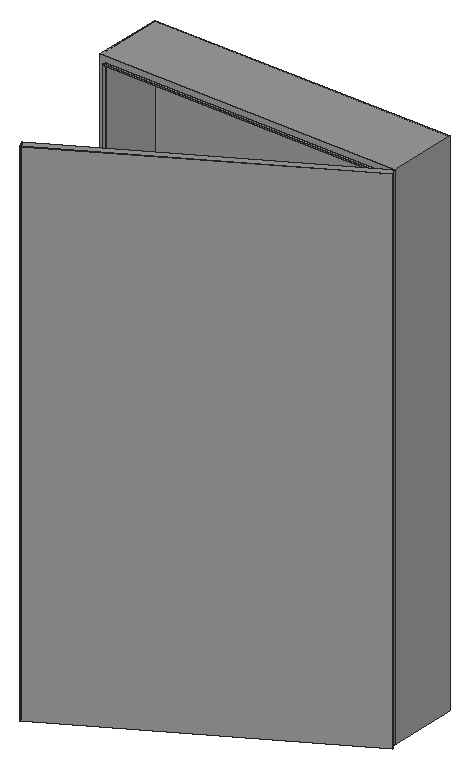
Revit family "Hager-Univers-IP54-D205-H1400-Cl.II-Encl-NoHosted-DE-de", category Equipement électrique, Revit 2020
Family settings
  Configuration du panneau = Deux colonnes, circuits au sein
  Cote de connecteur circulaire = Utiliser le diamètre
  Type d'élément = Tableau de raccordement
  Basée sur le plan de construction = Oui
  Toujours verticalement = Oui
  Couper avec des vides une fois chargée = Non
  Partagée = Non
  Point de calcul de pièce = Non
Parameters (values of type "Aufputz IP54 B800 H1400 T205  - FP93SW2")
  Width Control [instance] = if([EF000008 - Breite] > Min Width, [EF000008 - Breite], Min Width)  # 800 mm
  Commentaires du type = [HG000003 - Bereich]  # "Univers"
  Thickness Door [instance] = if([EF009171 - Materialstärke Tür/Deckel] > 3 mm, 3 mm, [EF009171 - Materialstärke Tür/Deckel])  # 1 mm
  Seal Frame Offset [instance] = 17 mm  # constant formula
  Plinth Visibility [instance] = [HG000027 - Sockelhöhe] > 0 mm  # no
  Min Width [instance] = 100 mm  # constant formula
  Min Depth [instance] = (2 * [EF009170 - Materialstärke Gehäuse]) + 1 mm  # 3 mm
  Min Height [instance] = 100 mm  # constant formula
  Internal Frame Depth [instance] = (Door System Depth * 0.5)  # 9 mm
  Panel Name [instance] = ""  # (empty or 0)
  Model = ""
  HG000027 - Sockelhöhe = 0 mm
  HG000026 - Stehend auf dem Boden = no
  HG000024 - Höhe des unteren Teils = 600 mm
  HG000023 - Gehäuse mit doppeltem Querschnitt = no
  HG000016 - 3D-Türsichtbarkeit [instance] = yes
  HG000015 - Sichtbarkeit der Türöffnung [instance] = no
  HG000014 - Tür rechts [instance] = yes
  HG000013 - Tür links [instance] = not([HG000014 - Tür rechts])  # no
  HG000012 - Türschwenkwinkel [instance] = 30.00°
  HG000010 - Asymmetrische Türen = no
  HG000009 - Doppelflügeligen Tür = no
  HG000006 - Unterputz = no
  HG000004 - Herstellerreferenz = "FP93SW2"
  HG000003 - Bereich = "Univers"
  HG000002 - Mit tür = yes
  Frame Offset Bottom [instance] = 10 mm  # constant formula
  Frame Offset [instance] = 15 mm  # constant formula
  EF015940 - Deckel mit Überdruckentlastung = no
  EF011959 - Schutzart (NEMA) = ""
  EF009554 - Anzahl der Öffnungen für Flanschplatten = 6
  EF009212 - Ausführung Deckel = "EV000116 - geschlossen"
  EF009171 - Materialstärke Tür/Deckel = 1 mm
  EF009170 - Materialstärke Gehäuse = 1 mm
  EF008873 - Nennstrom (In) = 250 A
  EF007800 - Geeignet für Blitzschutz = no
  EF006306 - Mit Schloss = no
  EF006244 - Transparenter Deckel/Tür = no
  EF005474 - Schutzart (IP) = "EV006419 - IP54"
  EF004464 - Art der Tür = "EV002646 - Einzel"
  EF004427 - Anzahl der Module = 324
  EF004293 - Schlagfestigkeit = "EV006815 - IK09"
  EF003532 - Geeignet für Außengebrauch = no
  EF002950 - Breite in Teilungseinheiten = 36
  EF001613 - Funktionserhalt = "EV000494 - ohne"
  EF001596 - Werkstoff des Gehäuses = "EV000179 - Stahl"
  EF001131 - Innentiefe = 130 mm
  EF001088 - Anbaumöglichkeit = yes
  EF000437 - Anzahl der Leitungseinführungen = 6
  EF000339 - Art der Abdeckung = "EV004216 - Tür"
  EF000266 - Anzahl der Reihen = 9
  EF000218 - Einbautiefe = 205 mm
  EF000118 - Mit Montageplatte = no
  EF000116 - RAL-Nummer = "9010"
  EF000049 - Tiefe = 205 mm
  EF000040 - Höhe = 1400 mm
  EF000008 - Breite = 800 mm
  EF000007 - Farbe = "EV000202 - weiß"
  EF000003 - Montageart = "EV000384 - Aufputz"
  Door System Leaf Tolerance [instance] = 1.5 mm  # constant formula
  Door System Depth [instance] = 18 mm  # constant formula
  Door Height [instance] = Height Control - [HG000027 - Sockelhöhe]  # 1400 mm
  Description = ""
  Default Elevation = 1219.2 mm
  Connector Offset [instance] = Height Control / 2  # 700 mm
  Fabricant = "Hager"  # constant formula
  Height Control [instance] = if([EF000040 - Höhe] > Min Height, [EF000040 - Höhe], Min Height)  # 1400 mm
  Depth Control [instance] = if([EF000049 - Tiefe] > Min Depth, [EF000049 - Tiefe], Min Depth)  # 205 mm
  Bottom Top Plate Trim [instance] = 1.5 mm  # constant formula
  Plinth height Ctrl [instance] = if([HG000027 - Sockelhöhe] > 0 mm, [HG000027 - Sockelhöhe], 12 mm)  # 12 mm
Types (5, lengths in mm): name | Width Control | HG000010 - Asymmetrische Türen | HG000009 - Doppelflügeligen Tür | HG000004 - Herstellerreferenz | EF009554 - Anzahl der Öffnungen für Flanschplatten | EF004464 - Art der Tür | EF004427 - Anzahl der Module | EF002950 - Breite in Teilungseinheiten | EF000437 - Anzahl der Leitungseinführungen | EF000008 - Breite
  Aufputz IP54 B1050 H1400 T205  - FP94SW2 | 1050 | no | yes | "FP94SW2" | 8 | "EV003602 - Doppel" | 432 | 48 | 8 | 1050
  Aufputz IP54 B1300 H1400 T205  - FP95SW2 | 1300 | yes | yes | "FP95SW2" | 10 | "EV003602 - Doppel" | 540 | 60 | 10 | 1300
  Aufputz IP54 B300 H1400 T205  - FP91SW2 | 300 | no | no | "FP91SW2" | 2 | "EV002646 - Einzel" | 108 | 12 | 2 | 300
  Aufputz IP54 B550 H1400 T205  - FP92SW2 | 550 | no | no | "FP92SW2" | 4 | "EV002646 - Einzel" | 216 | 24 | 4 | 550
  Aufputz IP54 B800 H1400 T205  - FP93SW2 | 800 | no | no | "FP93SW2" | 6 | "EV002646 - Einzel" | 324 | 36 | 6 | 800
Reference planes
  plane 1 "Center (Front/Back)": y = 0
  plane 2: z = 0
  plane 3 "Center (Left/Right)": x = 0
  plane 4: y = 0
  plane 5: y = 0
  plane 6: z = 0
  plane 7: x = -400
  plane 8: x = 400
  plane 9: x = 399
  plane 10: x = -399
  plane 11: z = 0
  plane 12: z = 1
  plane 13: y = -205
  plane 14: y = -1
  plane 15: x = 0
  plane 16: y = -187
  plane 17: y = -204
  plane 18: y = -186
  plane 19: x = -384
  plane 20: x = 384
  plane 21: z = 11
  plane 22: x = -383
  plane 23: x = 383
  plane 24: z = 0
  plane 25: z = 1400
  plane 26: z = 1400
  plane 27: z = 1384
  plane 28: z = 1399
Forms (mm)
  Extrusion 1, solid, material "Hager_Steel_RAL7035_Light_Grey", detail levels medium+fine
    sketch origin (-208.679, -4572, 0) x (-1, 0, 0) y (0, -1, 0)
      loop
        line (191.321, -4385) -> (-608.679, -4385) -> (-608.679, -4572) -> (191.321, -4572) -> (191.321, -4385)
    from 0 to 1400
  Extrusion 2, void
    sketch origin (-350.771, -205, 1219.2) x (1, 0, 0) y (0, 0, 1)
      loop
        line (-48.229, 179.8) -> (-48.229, -1218.2) -> (749.771, -1218.2) -> (749.771, 179.8) -> (-48.229, 179.8)
    from -19 to -204
  Extrusion 3, void
    sketch origin (-290.084, -187, 1219.2) x (1, 0, 0) y (0, 0, 1)
      loop
        line (-93.916, -1208.2) -> (674.084, -1208.2) -> (674.084, 164.8) -> (-93.916, 164.8) -> (-93.916, -1208.2)
    from 0 to -1
  Extrusion 4, solid, material "Hager_Steel_RAL7035_Light_Grey", visible <- "Plinth Visibility", detail levels medium+fine
    sketch origin (0, 0, 0) x (1, 0, 0) y (0, 1, 0)
      loop
        line (-400, 0) -> (-400, -187) -> (400, -187) -> (400, 0) -> (-400, 0)
    from 0 to 12 <- "Plinth height Ctrl"
  Extrusion 5, solid, material "Hager_Steel_RAL7035_Light_Grey", detail levels coarse
    sketch origin (0, 0, 0) x (1, 0, 0) y (0, 1, 0)
      loop
        line (-400, 0) -> (-400, -205) -> (400, -205) -> (400, 0) -> (-400, 0)
    from 0 to 1400 <- "Height Control"
  Sweep 6, void
    path in 3D
      loop
        line (-400, -187, 12) -> (400, -187, 12) -> (400, 0, 12) -> (-400, 0, 12) -> (-400, -187, 12)
    profile origin (-400, -93.5, 12) x (1, 0, 0) y (0, 0, 1)
      loop
        line (0, 0) -> (0, -1.5) -> (1.5, -1.5)
        arc (1.5, -1.5) -> (1.061, -0.439) -> (0, 0) r 1.5
  Extrusion 7, solid, material "Hager_Steel_RAL7035_Light_Grey", detail levels fine
    sketch origin (-400, -187, 0) x (1, 0, 0) y (0, 0, 1)
      loop
        line (16, 11) -> (784, 11) -> (784, 1384) -> (16, 1384) -> (16, 11)
      loop
        line (15, 10) -> (785, 10) -> (785, 1385) -> (15, 1385) -> (15, 10)
    from 0 to 9 <- "Internal Frame Depth"
Cuts and joins
  Extrusion 2, Extrusion 3 cuts Extrusion 1
  Sweep 6 cuts Extrusion 4
Lines and regions (mm)
  Masking region 1
    outline origin (0, 0, 0) x (1, 0, 0) y (0, 1, 0)
      loop
        line (-400, 0) -> (-400, -205) -> (400, -205) -> (400, 0) -> (-400, 0)
  Masking region 2, detail levels coarse
    outline origin (-290.084, -187, 1219.2) x (-1, 0, 0) y (0, 0, 1)
      loop
        line (-690.084, -1219.2) -> (109.916, -1219.2) -> (109.916, 180.8) -> (-690.084, 180.8) -> (-690.084, -1219.2)
  Masking region 3, detail levels coarse
    outline origin (0, 0, 0) x (0, 1, 0) y (0, 0, 1)
      loop
        line (0, 0) -> (0, 1400) -> (-205, 1400) -> (-205, 0) -> (0, 0)
  Masking region 4, visible <- "Plinth Visibility", detail levels medium+fine
    outline origin (0, 0, 0) x (0, 1, 0) y (0, 0, 1)
      loop
        line (-1.5, 12) -> (-185.5, 12)
        arc (-185.5, 12) -> (-185.939, 10.939) -> (-187, 10.5) r 1.5
        line (-187, 10.5) -> (-187, 0) -> (0, 0) -> (0, 10.5)
        arc (0, 10.5) -> (-1.061, 10.939) -> (-1.5, 12) r 1.5
  Masking region 5, detail levels medium+fine
    outline origin (0, 0, 594.038) x (0, 1, 0) y (0, 0, 1)
      loop
        line (0, -594.038) -> (0, 805.962) -> (-187, 805.962) -> (-187, -594.038) -> (0, -594.038)
  Masking region 6, detail levels medium+fine
    outline origin (-359.7, -187, 1211.883) x (-1, 0, 0) y (0, 0, 1)
      loop
        line (-759.7, -1211.883) -> (40.3, -1211.883) -> (40.3, 188.117) -> (-759.7, 188.117) -> (-759.7, -1211.883)
  Masking region 7, visible <- "Plinth Visibility", detail levels medium+fine
    outline origin (-320.334, -187, 1041.368) x (-1, 0, 0) y (0, 0, 1)
      loop
        line (-720.334, -1041.368) -> (79.666, -1041.368) -> (79.666, -1030.868)
        arc (79.666, -1030.868) -> (78.606, -1030.429) -> (78.166, -1029.368) r 1.5
        line (78.166, -1029.368) -> (-718.834, -1029.368)
        arc (-718.834, -1029.368) -> (-719.273, -1030.429) -> (-720.334, -1030.868) r 1.5
        line (-720.334, -1030.868) -> (-720.334, -1041.368)
  sketch lines
    curve 1: line (-400, 0, 12) -> (-400, -187, 12)
    curve 2: line (-400, -187, 12) -> (400, -187, 12)
    curve 3: line (400, 0, 12) -> (-400, 0, 12)
    curve 4: line (400, -187, 12) -> (400, 0, 12)
Dimensions and locks
  locked: plane 1 "Center (Front/Back)" to plane 5
  "EF009170 - Materialstärke Gehäuse": plane 7 to plane 10
  "EF009170 - Materialstärke Gehäuse": plane 8 to plane 9
  equal spacing: plane 7, plane 3 "Center (Left/Right)", plane 8
  "Width Control": plane 7 to plane 8
  "Depth Control": plane 4 to plane 13
  "EF009170 - Materialstärke Gehäuse": plane 4 to plane 14
  "Height Control": plane 25 to level
  "HG000027 - Sockelhöhe": plane 11 to level
  "EF009170 - Materialstärke Gehäuse": plane 12 to plane 11
  "EF009170 - Materialstärke Gehäuse": plane 17 to plane 13
  "EF009170 - Materialstärke Gehäuse": plane 18 to plane 16
  "Frame Offset Bottom": plane 21 to plane 12
  "Frame Offset": plane 10 to plane 19
  "Frame Offset": plane 9 to plane 20
  "Door System Depth": plane 16 to plane 13
  "Seal Frame Offset": plane 7 to plane 22
  "Seal Frame Offset": plane 8 to plane 23
  "EF009170 - Materialstärke Gehäuse": plane 26 to plane 28
  "Frame Offset": plane 28 to plane 27
  "Connector Offset": plane 2 to connector elem
  "Bottom Top Plate Trim": profile plane to Sweep 6 sketch curve
  "Bottom Top Plate Trim": Sweep 6 sketch curve to Sweep 6 sketch curve
  "Plinth height Ctrl": Masking region 4 sketch curve to level
  "Plinth height Ctrl": Masking region 7 sketch curve to level
  "Thickness Door": Extrusion 7 sketch curve to Extrusion 7 sketch curve  (x4)
  "Bottom Top Plate Trim": radius of Sweep 6 sketch curve
  "Bottom Top Plate Trim": radius of Masking region 4 sketch curve  (x2)
  "Bottom Top Plate Trim": radius of Masking region 7 sketch curve  (x2)
  aligned and locked: Extrusion 2 sketch curve to plane 12
  aligned and locked: Extrusion 2 sketch curve to plane 9
  aligned and locked: Extrusion 2 sketch curve to plane 10
  aligned and locked: Extrusion 2 to plane 14
  aligned and locked: Extrusion 1 sketch curve to plane 4
  aligned and locked: plane 8 to Extrusion 1 sketch curve
  aligned and locked: plane 7 to Extrusion 1 sketch curve
  aligned and locked: Extrusion 2 to plane 18
  aligned and locked: Extrusion 3 sketch curve to plane 19
  aligned and locked: plane 20 to Extrusion 3 sketch curve
  aligned and locked: Extrusion 3 to Extrusion 2
  aligned and locked: Extrusion 3 sketch curve to plane 21
  aligned and locked: plane 3 "Center (Left/Right)" to nested 1
  aligned and locked: Extrusion 1 sketch curve to plane 16
  aligned and locked: Extrusion 4 sketch curve to cut or joined group of Extrusion 1, Extrusion 2, Extrusion 3
  aligned and locked: Masking region 1 sketch curve to plane 7
  aligned and locked: Masking region 1 sketch curve to plane 5
  aligned and locked: Masking region 1 sketch curve to plane 8
  aligned and locked: Masking region 2 sketch curve to level
  aligned and locked: level to Masking region 3 sketch curve
  aligned and locked: plane 1 "Center (Front/Back)" to Masking region 3 sketch curve
  aligned and locked: plane 13 to Masking region 3 sketch curve
  aligned and locked: plane 5 to Masking region 4 sketch curve
  aligned and locked: Masking region 2 sketch curve to plane 8
  aligned and locked: Masking region 2 sketch curve to plane 7
  aligned and locked: plane 7 to nested 2
  aligned and locked: nested 2 to plane 5
  aligned and locked: plane 5 to Masking region 5 sketch curve
  aligned and locked: plane 26 to Masking region 5 sketch curve
  aligned and locked: Extrusion 5 sketch curve to plane 8
  aligned and locked: Extrusion 5 sketch curve to plane 7
  aligned and locked: Extrusion 5 sketch curve to plane 5
  aligned and locked: Extrusion 3 sketch curve to plane 27
  aligned and locked: Extrusion 2 sketch curve to plane 28
  aligned and locked: Masking region 2 to plane 25
  aligned and locked: Extrusion 4 to plane 16
  aligned and locked: profile plane to Sweep 6 sketch curve
  aligned and locked: Masking region 5 sketch curve to plane 24
  aligned and locked: level to Masking region 4 sketch curve
  aligned and locked: Masking region 1 to plane 13
  aligned and locked: nested 1 to plane 16
  aligned and locked: Masking region 3 to plane 25
  aligned and locked: plane 16 to Masking region 4 sketch curve
  aligned and locked: Masking region 5 sketch curve to plane 16
  aligned and locked: plane 24 to plane 11
  aligned and locked: plane 26 to plane 25
  aligned and locked: plane 26 to cut or joined group of Extrusion 1, Extrusion 2, Extrusion 3
  aligned and locked: nested 1 to plane 24
  aligned and locked: Extrusion 1 to Extrusion 3
  aligned and locked: Masking region 6 sketch curve to plane 8
  aligned and locked: Masking region 6 sketch curve to plane 24
  aligned and locked: Masking region 6 sketch curve to plane 7
  aligned and locked: Masking region 6 sketch curve to plane 26
  aligned and locked: Masking region 7 sketch curve to plane 7
  aligned and locked: level to Masking region 7 sketch curve
  aligned and locked: Masking region 7 sketch curve to plane 8
  aligned and locked: Extrusion 7 sketch curve to cut or joined group of Extrusion 1, Extrusion 2, Extrusion 3  (x4)
Automatic sketch dimensions
  plane 19 to Extrusion 3 sketch curve = 0 mm
  Extrusion 3 sketch curve to plane 20 = 0 mm
  Extrusion 3 sketch curve to plane 21 = 0 mm
  Extrusion 4 sketch curve to plane 7 = 0 mm
  Extrusion 4 sketch curve to plane 8 = 0 mm
  Extrusion 4 sketch curve to plane 16 = 0 mm
  Masking region 1 sketch curve to plane 13 = 0 mm
  Masking region 2 sketch curve to plane 25 = 0 mm
  Masking region 3 sketch curve to plane 25 = 0 mm
  Extrusion 5 sketch curve to plane 13 = 0 mm
  profile plane to Sweep 6 sketch curve = 0 mm
Nested families
  nested 1: "EC000058_Univers_Door" at (0, -187, 0), Double <- "HG000009 - Doppelflügeligen Tür", Transparent <- "EF006244 - Transparenter Deckel/Tür", Angle <- "HG000012 - Türschwenkwinkel", Door_Right <- "HG000014 - Tür rechts", Assymetrical <- "HG000010 - Asymmetrische Türen", Door <- "HG000002 - Mit tür", Width_Ctrl <- "Width Control", 3d_Door <- "HG000016 - 3D-Türsichtbarkeit", Clearance <- "HG000015 - Sichtbarkeit der Türöffnung", Door_Left <- "HG000013 - Tür links", Width <- "Width Control", Door_Depth <- "Door System Depth", Leaf_Tolerance <- "Door System Leaf Tolerance", Height <- "Door Height", Lock_Visibility <- "EF006306 - Mit Schloss", Thickness <- "Thickness Door", type "EC000058_Univers_Door", detail levels medium+fine
    with min_wh 3 mm, Width_Ctrl 800 mm, Width 800 mm, Transparent no, Thickness 1 mm, Seal_Material Hager_Rubber, Lock_Visibility no, Lock_Material Hager_Plastic_RAL9005_Jet_Black, Leaf_Width 800 mm, Leaf_Tolerance_External_Sides 0 mm, Leaf_Tolerance 1.5 mm, Leaf_Offset 0 mm, Leaf_Height 1397 mm, Leaf_2_Width 800 mm, Leaf_2_Offset 400 mm, Leaf_1_Width 800 mm, Leaf_1_Offset 400 mm, Height_Ctrl 1400 mm, Height 1400 mm, Glass_Material Hager_Glass, Double_Clearance_Ctrl no, Double no, Door_Right_Ctrl yes, Door_Right yes, Door_Material Hager_Steel_RAL7035_Light_Grey, Door_Left_Ctrl no, Door_Left no, Door_Depth 18 mm, Door yes, Clearance_Material Hager_Clearance, Clearance_Depth 800 mm, Clearance_Ctrl no, Clearance no, Assymetrical no, Angle 30.00°, 3d_Door yes
  nested 2: "Hager_Enclosure_Symbol" at (-400, 0, 0), Height <- "Depth Control", Width <- "Width Control", type "Hager_Enclosure_Symbol"
    with Width_Ctrl 800 mm, Width 800 mm, Height_Ctrl 205 mm, Height 205 mm, A_Width_Int 13.453 mm, A_Width 161.438 mm, A_Height_Ctrl 179.375 mm, A_Height 179.375 mm
Connectors
  electrical at (0, 0, 700)
    settings: on plane 1 "Center (Front/Back)", index 1, voltage 0 V, apparent load 0 VA, apparent load phase1 0 VA, apparent load phase2 0 VA, apparent load phase3 0 VA, power factor 1, load classification "Other", number of poles 1, system type 30, power factor state 1, is connector primary yes, connector utility no, sub classification motor no, connector description ""
Definition of nested family "EC000058_Univers_Door"
  Parameters (values of type "EC000058_Univers_Door")
    min_wh [instance] = (2 * Thickness) + 1 mm  # 11 mm
    Width_Ctrl [instance] = 400 mm
    Width [instance] = 500 mm
    Transparent [instance] = yes
    Thickness [instance] = 5 mm
    Seal_Material [instance] = none
    Lock_Visibility [instance] = yes
    Lock_Material [instance] = none
    Leaf_Width [instance] = if((Width_Ctrl - 2 * Leaf_Tolerance_External_Sides) > 0 mm, (Width_Ctrl - 2 * Leaf_Tolerance_External_Sides), min_wh)  # 400 mm
    Leaf_Tolerance_External_Sides [instance] = 0 mm  # constant formula
    Leaf_Tolerance [instance] = 1.5 mm
    Leaf_Offset [instance] = 0 mm  # constant formula
    Leaf_Height [instance] = if((Height_Ctrl - 2 * Leaf_Tolerance) > 0 mm, (Height_Ctrl - 2 * Leaf_Tolerance), min_wh)  # 497 mm
    Leaf_2_Width [instance] = if(and(and(Double, Assymetrical), Door_Left), (Leaf_Width / 3) - (Leaf_Tolerance / 2), if(and(and(Double, Assymetrical), Door_Right), (Leaf_Width / 3) * 2 - (Leaf_Tolerance / 2), if(and(Double, not(Assymetrical)), (Leaf_Width / 2) - Leaf_Tolerance, Leaf_Width)))  # 400 mm
    Leaf_2_Offset [instance] = if(and(Double, Assymetrical), Leaf_2_Width / 2, if(and(Double, not(Assymetrical)), Leaf_Width / 4, Leaf_Width / 2))  # 200 mm
    Leaf_1_Width [instance] = if(and(and(Double, Assymetrical), Door_Right), (Leaf_Width / 3) - (Leaf_Tolerance / 2), if(and(and(Double, Assymetrical), Door_Left), (Width / 3) * 2 - (Leaf_Tolerance / 2), if(and(Double, not(Assymetrical)), (Leaf_Width / 2) - Leaf_Tolerance, Leaf_Width)))  # 400 mm
    Leaf_1_Offset [instance] = if(and(Double, Assymetrical), Leaf_1_Width / 2, if(and(Double, not(Assymetrical)), Leaf_Width / 4, Leaf_Width / 2))  # 200 mm
    Height_Ctrl [instance] = if(Height > min_wh, Height, min_wh)  # 500 mm
    Height [instance] = 500 mm
    Glass_Material [instance] = none
    Double_Clearance_Ctrl [instance] = and(Double, Clearance)  # no
    Double [instance] = no
    Door_Right_Ctrl [instance] = and(or(Door_Right, Double), Door)  # yes
    Door_Right [instance] = yes
    Door_Material [instance] = none
    Door_Left_Ctrl [instance] = and(or(Door_Left, Double), Door)  # no
    Door_Left [instance] = no
    Door_Depth [instance] = 30 mm
    Door [instance] = yes
    Default Elevation = 1219.2 mm
    Clearance_Material [instance] = none
    Clearance_Depth [instance] = if(Leaf_1_Width > Leaf_2_Width, Leaf_1_Width, Leaf_2_Width)  # 400 mm
    Clearance_Ctrl [instance] = and(not(Double), Clearance)  # yes
    Clearance [instance] = yes
    Assymetrical [instance] = yes
    Angle [instance] = 30.00°
    3d_Door [instance] = yes
  Reference planes
    plane 1 "Center (Front/Back)": y = 0
    plane 2 "Bottom": z = 0
    plane 3 "Center (Left/Right)": x = 0
    plane 4: z = 500
    plane 5: x = -200
    plane 6: x = 200
    plane 7: z = 500
    plane 8: x = -200
    plane 9: z = 0
    plane 10: x = 200
    plane 11: y = 0
    plane 12: z = 1.5
    plane 13: x = -600
    plane 14: y = -400
    plane 15: x = 600
    plane 16: x = 0
    plane 17: x = 0
    plane 18: x = -200
    plane 19: x = 200
    plane 20: z = 498.5
  Forms (mm)
    Extrusion 1, solid, material <- "Clearance_Material", visible <- "Double_Clearance_Ctrl"
      sketch origin (1200, 0, 0) x (1, 0, 0) y (0, 0, -1)
        loop
          line (-1800, -498.5) -> (-600, -498.5) -> (-600, 0) -> (-1800, 0) -> (-1800, -498.5)
      from 0 to -400
  Dimensions and locks
    equal spacing: plane 5, plane 3 "Center (Left/Right)", plane 6
    "Width_Ctrl": plane 5 to plane 6
    "Leaf_Offset": plane 5 to plane 8
    "Leaf_Offset": plane 6 to plane 10
    "Leaf_Offset": plane 9 to level
    "Leaf_Offset": plane 4 to plane 7
    "Height_Ctrl": plane 4 to level
    "Leaf_Tolerance": plane 12 to plane 9
    locked: plane 11 to plane 1 "Center (Front/Back)"
    "Leaf_1_Offset": plane 18 to plane 16
    "Leaf_2_Offset": plane 17 to plane 19
    "Leaf_1_Width": plane 13 to plane 8
    "Leaf_2_Width": plane 10 to plane 15
    "Clearance_Depth": plane 14 to plane 1 "Center (Front/Back)"
    "Leaf_Tolerance_External_Sides": plane 8 to plane 18
    "Leaf_Tolerance_External_Sides": plane 19 to plane 10
    "Leaf_Tolerance": plane 7 to plane 20
    aligned and locked: level to plane 2 "Bottom"
    aligned and locked: nested 1 to plane 16
    aligned and locked: nested 2 to plane 17
    aligned and locked: Extrusion 1 to plane 13
    aligned and locked: plane 15 to Extrusion 1
    aligned and locked: Extrusion 1 to plane 14
    aligned and locked: plane 12 to nested 1
    aligned and locked: nested 2 to plane 12
    aligned and locked: Extrusion 1 to plane 11
    aligned and locked: plane 20 to Extrusion 1
    aligned and locked: nested 2 to plane 11
    aligned and locked: nested 1 to plane 11
  Automatic sketch dimensions
    Extrusion 1 sketch curve to level = 0 mm
    plane 5 to Extrusion 1 sketch curve = 400 mm
    plane 6 to Extrusion 1 sketch curve = 400 mm
    Extrusion 1 sketch curve to plane 4 = 1.5 mm
  Nested families
    nested 1: "EC000058_Univers_Door_Leaf" at (0, 0, 1.5), Width <- "Leaf_1_Width", visible <- "Door_Left_Ctrl", Leaf_Height <- "Leaf_Height", Angle <- "Angle", 3d_Door <- "3d_Door", Transparent <- "Transparent", Clearance Material <- "Clearance_Material", Clearance <- "Clearance_Ctrl", Door_Material <- "Door_Material", Glass_Material <- "Glass_Material", Door_Depth <- "Door_Depth", Lock_Material <- "Lock_Material", Seal_Material <- "Seal_Material", Lock_Visibility <- "Lock_Visibility", Thickness <- "Thickness", type "EC000058_Univers_Door_Leaf"
      with Width 400 mm, Transparent_Glass_Offset 30 mm, Transparent_Ctrl yes, Transparent yes, Thickness 5 mm, Standard no, Seal_Material none, Seal_D2 8 mm, Seal_D1 1 mm, Offset_Internal_Frame 10 mm, Lock_Width 20 mm, Lock_Visibility_3d yes, Lock_Visibility yes, Lock_Thickness_3 3 mm, Lock_Thickness_2 1 mm, Lock_Thickness_1 3 mm, Lock_Radius_Offset_2 16 mm, Lock_Radius_Offset_1 15 mm, Lock_Radius_2 5 mm, Lock_Radius 6 mm, Lock_Offset 5 mm, Lock_Material none, Lock_Height 80 mm, Lock_Cover_Top_Offset_2d 17 mm, Lock_Cover_Height -65 mm, Leaf_Height 497 mm, Internal_Seal_Thickness 8 mm, Internal_Seal_Depth_2 4.5 mm, Internal_Frame_Depth 25 mm, Glass_Thickness -1 mm, Glass_Offset -2 mm, Glass_Material none, Door_Material none, Door_Depth 30 mm, Clearance Material none, Clearance yes, Angle_Ctrl 30.00°, Angle 30.00°, 3d_Door yes
    nested 2: "EC000058_Univers_Door_Leaf" at (0, 0, 1.5) x (-1, 0, 0) z (0, 0, 1), Width <- "Leaf_2_Width", visible <- "Door_Right_Ctrl", Leaf_Height <- "Leaf_Height", Angle <- "Angle", 3d_Door <- "3d_Door", Transparent <- "Transparent", Clearance Material <- "Clearance_Material", Clearance <- "Clearance_Ctrl", Door_Material <- "Door_Material", Glass_Material <- "Glass_Material", Door_Depth <- "Door_Depth", Lock_Material <- "Lock_Material", Seal_Material <- "Seal_Material", Lock_Visibility <- "Lock_Visibility", Thickness <- "Thickness", type "EC000058_Univers_Door_Leaf"
      with Width 400 mm, Transparent_Glass_Offset 30 mm, Transparent_Ctrl yes, Transparent yes, Thickness 5 mm, Standard no, Seal_Material none, Seal_D2 8 mm, Seal_D1 1 mm, Offset_Internal_Frame 10 mm, Lock_Width 20 mm, Lock_Visibility_3d yes, Lock_Visibility yes, Lock_Thickness_3 3 mm, Lock_Thickness_2 1 mm, Lock_Thickness_1 3 mm, Lock_Radius_Offset_2 16 mm, Lock_Radius_Offset_1 15 mm, Lock_Radius_2 5 mm, Lock_Radius 6 mm, Lock_Offset 5 mm, Lock_Material none, Lock_Height 80 mm, Lock_Cover_Top_Offset_2d 17 mm, Lock_Cover_Height -65 mm, Leaf_Height 497 mm, Internal_Seal_Thickness 8 mm, Internal_Seal_Depth_2 4.5 mm, Internal_Frame_Depth 25 mm, Glass_Thickness -1 mm, Glass_Offset -2 mm, Glass_Material none, Door_Material none, Door_Depth 30 mm, Clearance Material none, Clearance yes, Angle_Ctrl 30.00°, Angle 30.00°, 3d_Door yes
  Definition of nested family "EC000058_Univers_Door_Leaf"
    Parameters (values of type "EC000058_Univers_Door_Leaf")
      Width [instance] = 2000 mm
      Transparent_Glass_Offset [instance] = 30 mm
      Transparent_Ctrl [instance] = and(Transparent, [3d_Door])  # yes
      Transparent [instance] = yes
      Thickness [instance] = 5 mm
      Standard [instance] = and(not(Transparent), [3d_Door])  # no
      Seal_Material [instance] = none
      Seal_D2 [instance] = 8 mm  # constant formula
      Seal_D1 [instance] = 1 mm  # constant formula
      Offset_Internal_Frame [instance] = 10 mm  # constant formula
      Lock_Width [instance] = 20 mm  # constant formula
      Lock_Visibility_3d [instance] = and(Lock_Visibility, [3d_Door])  # yes
      Lock_Visibility [instance] = yes
      Lock_Thickness_3 [instance] = 3 mm  # constant formula
      Lock_Thickness_2 [instance] = 1 mm  # constant formula
      Lock_Thickness_1 [instance] = 3 mm  # constant formula
      Lock_Radius_Offset_2 [instance] = Lock_Radius_Offset_1 + 1 mm  # 16 mm
      Lock_Radius_Offset_1 [instance] = 15 mm  # constant formula
      Lock_Radius_2 [instance] = Lock_Radius - 1 mm  # 5 mm
      Lock_Radius [instance] = 6 mm  # constant formula
      Lock_Offset [instance] = 5 mm  # constant formula
      Lock_Material [instance] = none
      Lock_Height [instance] = 80 mm  # constant formula
      Lock_Cover_Top_Offset_2d [instance] = Lock_Radius_Offset_2 + 1 mm  # 17 mm
      Lock_Cover_Height [instance] = -(Lock_Height - Lock_Radius_Offset_1)  # -65 mm
      Leaf_Height [instance] = 2720.336 mm
      Internal_Seal_Thickness [instance] = 8 mm  # constant formula
      Internal_Seal_Depth_2 [instance] = 4.5 mm  # constant formula
      Internal_Frame_Depth [instance] = if(Door_Depth - Thickness > 5 mm, Door_Depth - Thickness, 5 mm)  # 25 mm
      Glass_Thickness [instance] = if(Thickness > 15 mm, Glass_Offset + 10 mm, -1 mm)  # -1 mm
      Glass_Offset [instance] = if(Thickness > 15 mm, -(Thickness + 10 mm) / 2, -2 mm)  # -2 mm
      Glass_Material [instance] = none
      Door_Material [instance] = none
      Door_Depth [instance] = 30 mm
      Default Elevation = 0 mm
      Clearance Material [instance] = none
      Clearance [instance] = yes
      Angle_Ctrl [instance] = if(Angle > 180.00°, 180.00°, Angle)  # 90.00°
      Angle [instance] = 90.00°
      3d_Door [instance] = yes
    Reference planes
      plane 1 "Center (Front/Back)": y = 0
      plane 2: z = 0
      plane 3 "Center (Left/Right)": x = 0
      plane 4: y = 2000
      plane 5: x = -1000
      plane 6: x = 1000
      plane 7: x = -3000
      plane 8: z = 2720.336
      plane 9: z = 30
      plane 10: z = 2690.336
      plane 11: x = 970
      plane 12: x = -970
      plane 13: y = -3
      plane 14: z = 107.833
      plane 15: y = -5
      plane 16: y = -223.314
      plane 17: x = -1000
      plane 18: z = 1360.168
      plane 19: y = 30
    Forms (mm)
      Extrusion 1, solid, material <- "Clearance Material", visible <- "Clearance"
        sketch origin (0, 0, 0) x (1, 0, 0) y (0, 0, 1)
          loop
            line (-3000, 2720.336) -> (-3000, 0) -> (1000, 0) -> (1000, 2720.336) -> (-3000, 2720.336)
        from 0 to -2000
      Extrusion 2, solid, material <- "Door_Material", visible <- "Standard", detail levels medium+fine
        sketch origin (-1000, 0, 0) x (0, 1, 0) y (-1, 0, 0)
          loop
            line (0, 30) -> (0, 25) -> (2000, 25) -> (2000, 30) -> (0, 30)
        from 0 to 2720.336 <- "Leaf_Height"
      Extrusion 3, solid, material <- "Door_Material", visible <- "Transparent_Ctrl", detail levels medium+fine
        sketch origin (-1000, 0, 0) x (0, 1, 0) y (-1, 0, 0)
          loop
            line (0, 25) -> (2000, 25) -> (2000, 30) -> (0, 30) -> (0, 25)
        from 0 to 2720.336 <- "Leaf_Height"
      Extrusion 4, void
        sketch origin (-1025, 2000, 0) x (0, 1, 0) y (0, 0, -1)
          loop
            line (-30, -2690.336) -> (-30, -30) -> (-1970, -30) -> (-1970, -2690.336) -> (-30, -2690.336)
        from 0 to 5 <- "Thickness"
      Sweep 5, solid, material <- "Seal_Material", visible <- "Transparent_Ctrl", detail levels fine
        path in 3D
          loop
            line (-1025, 30, 30) -> (-1025, 30, 2690.336) -> (-1025, 1970, 2690.336) -> (-1025, 1970, 30) -> (-1025, 30, 30)
        profile origin (-1025, 1000, 30) x (1, 0, 0) y (0, 0, 1)
          loop
            line (0, 0) -> (0, -8) -> (1, -8) -> (1, 0) -> (0, 0)
      Extrusion 6, solid, material <- "Glass_Material", visible <- "Transparent_Ctrl", detail levels medium+fine
        sketch origin (-1030, 0, 0) x (0, 1, 0) y (0, 0, -1)
          loop
            line (1970, -2690.336) -> (1970, -30) -> (30, -30) -> (30, -2690.336) -> (1970, -2690.336)
        from -2 <- "Glass_Offset" to -1 <- "Glass_Thickness"
      Extrusion 7, solid, material <- "Door_Material", visible <- "3d_Door", detail levels medium+fine
        sketch origin (-1025, 2000, 0) x (0, -1, 0) y (0, 0, -1)
          loop
            line (0, -2720.336) -> (2000, -2720.336) -> (2000, 0) -> (0, 0) -> (0, -2720.336)
          loop
            line (1995, -5) -> (5, -5) -> (5, -2715.336) -> (1995, -2715.336) -> (1995, -5)
        from 0 to 25 <- "Internal_Frame_Depth"
      Sweep 8, solid, material <- "Seal_Material", visible <- "Transparent_Ctrl", detail levels fine
        path in 3D
          loop
            line (-1025, 0, 0) -> (-1025, 2000, 0) -> (-1025, 2000, 2720.336) -> (-1025, 0, 2720.336) -> (-1025, 0, 0)
        profile origin (-1025, 0, 1360.168) x (1, 0, 0) y (0, 1, 0)
          loop
            line (0, 10) -> (2.975, 10)
            arc (2.975, 10) -> (4.053, 10.447) -> (4.5, 11.525) r 1.525
            line (4.5, 11.525) -> (4.5, 16.527)
            arc (4.5, 16.527) -> (4.069, 17.569) -> (3.027, 18) r 1.473
            line (3.027, 18) -> (0, 18) -> (0, 10)
      Extrusion 9, solid, material <- "Lock_Material", visible <- "Lock_Visibility_3d", detail levels fine
        sketch origin (-1030, 0, 0) x (0, 1, 0) y (0, 0, -1)
          loop
            arc (1993.5, -1400.168) -> (1994.561, -1399.729) -> (1995, -1398.668) r 1.5
            line (1995, -1398.668) -> (1995, -1320.168) -> (1975, -1320.168) -> (1975, -1398.668)
            arc (1975, -1398.668) -> (1975.439, -1399.729) -> (1976.5, -1400.168) r 1.5
            line (1976.5, -1400.168) -> (1993.5, -1400.168)
        from 3 <- "Lock_Thickness_1" to 0
      Blend 10, solid, material <- "Lock_Material", visible <- "Lock_Visibility_3d", detail levels fine
        base sketch origin (-1033, 0, 0) x (0, 1, 0) y (0, 0, -1)
          loop
            line (1975, -1320.168) -> (1975, -1398.668)
            arc (1975, -1398.668) -> (1975.439, -1399.729) -> (1976.5, -1400.168) r 1.5
            line (1976.5, -1400.168) -> (1993.5, -1400.168)
            arc (1993.5, -1400.168) -> (1994.561, -1399.729) -> (1995, -1398.668) r 1.5
            line (1995, -1398.668) -> (1995, -1320.168) -> (1975, -1320.168)
        top sketch origin (-1033, 0, 0) x (0, 1, 0) y (0, 0, -1)
          loop
            line (1976, -1320.168) -> (1976, -1398.668)
            arc (1976, -1398.668) -> (1976.146, -1399.022) -> (1976.5, -1399.168) r 0.5
            line (1976.5, -1399.168) -> (1993.5, -1399.168)
            arc (1993.5, -1399.168) -> (1993.854, -1399.022) -> (1994, -1398.668) r 0.5
            line (1994, -1398.668) -> (1994, -1320.168) -> (1976, -1320.168)
        from 0 to 1 <- "Lock_Thickness_2"
      Blend 11, solid, material <- "Lock_Material", visible <- "Lock_Visibility_3d", detail levels fine
        base sketch origin (-1034, 0, 0) x (0, 1, 0) y (0, 0, -1)
          loop
            line (1978, -1320.168) -> (1978, -1384.168)
            arc (1978, -1384.168) -> (1985, -1391.168) -> (1992, -1384.168) r 7
            line (1992, -1384.168) -> (1992, -1320.168) -> (1978, -1320.168)
        top sketch origin (-1034, 0, 0) x (0, 1, 0) y (0, 0, -1)
          loop
            line (1991, -1320.168) -> (1979, -1320.168) -> (1979, -1383.168)
            arc (1979, -1383.168) -> (1985, -1389.168) -> (1991, -1383.168) r 6
            line (1991, -1383.168) -> (1991, -1320.168)
        from 0 to 3 <- "Lock_Thickness_3"
      Extrusion 12, solid, material <- "Lock_Material", visible <- "Lock_Visibility_3d", detail levels fine
        sketch origin (-1030, 1975, 1320.168) x (1, 0, 0) y (0, -1, 0)
          loop
            line (-7, -19) -> (-7, -1) -> (0, -1) -> (0, 0) -> (-8, 0) -> (-8, -20) -> (0, -20) -> (0, -19) -> (-7, -19)
        from 0 to -65 <- "Lock_Cover_Height"
      Extrusion 13, void
        sketch origin (-1038, 1995, 1320.168) x (-1, 0, 0) y (0, 0, -1)
          loop
            line (-5, -65) -> (0, -65) -> (-5, -60) -> (-5, -65)
        from 0 to 20 <- "Lock_Width"
      Extrusion 14, void
        sketch origin (-1038, 1975, 1320.168) x (0, -1, 0) y (0, 0, -1)
          loop
            circle (-10, -15.995) r 6
          loop
            circle (-10, -15.995) r 5
        from 0 to 2
      Extrusion 15, solid, material <- "Lock_Material", visible <- "Lock_Visibility_3d", detail levels medium
        sketch origin (-1030, 0, 0) x (0, 1, 0) y (0, 0, -1)
          loop
            arc (1993.5, -1400.168) -> (1994.561, -1399.729) -> (1995, -1398.668) r 1.5
            line (1995, -1398.668) -> (1995, -1320.168) -> (1975, -1320.168) -> (1975, -1398.668)
            arc (1975, -1398.668) -> (1975.439, -1399.729) -> (1976.5, -1400.168) r 1.5
            line (1976.5, -1400.168) -> (1993.5, -1400.168)
        from 8 to 0
    Cuts and joins
      Extrusion 4 cuts Extrusion 3
      Extrusion 13, Extrusion 14 cuts Extrusion 9
      Extrusion 14 cuts Blend 11
      Extrusion 13, Extrusion 14 cuts Extrusion 12
      joined: Extrusion 9, Blend 10, Blend 11, Extrusion 12
      Extrusion 14 cuts Extrusion 15
    Lines and regions (mm)
      Masking region 1, visible <- "Lock_Visibility", detail levels fine
        outline origin (0, 0, 0) x (0, 1, 0) y (0, 0, 1)
          loop
            line (30, 1320.168) -> (33, 1320.168) -> (33, 1400.168) -> (30, 1400.168) -> (30, 1320.168)
      Masking region 2, visible <- "Lock_Visibility", detail levels fine
        outline origin (0, 3.143, 0) x (0, 1, 0) y (0, 0, 1)
          loop
            line (29.857, 1354.168) -> (30.857, 1354.168) -> (30.857, 1366.168) -> (29.857, 1366.168) -> (29.857, 1354.168)
      Masking region 3, detail levels medium+fine
        outline origin (0, 0, 0) x (0, 1, 0) y (0, 0, 1)
          loop
            line (0, 0) -> (30, 0) -> (30, 2720.336) -> (0, 2720.336) -> (0, 0)
      Masking region 4, detail levels medium+fine
        outline origin (0, 0, 0) x (1, 0, 0) y (0, 0, 1)
          loop
            line (-1000, 2720.336) -> (-1000, 0) -> (1000, 0) -> (1000, 2720.336) -> (-1000, 2720.336)
      Masking region 5, visible <- "Lock_Visibility", detail levels fine
        outline origin (-47.116, 0, 0) x (1, 0, 0) y (0, 0, 1)
          loop
            arc (1024.616, 1399.168) -> (1023.556, 1398.729) -> (1023.116, 1397.668) r 1.5
            line (1023.116, 1397.668) -> (1023.116, 1320.168) -> (1041.116, 1320.168) -> (1041.116, 1397.668)
            arc (1041.116, 1397.668) -> (1040.677, 1398.729) -> (1039.616, 1399.168) r 1.5
            line (1039.616, 1399.168) -> (1024.616, 1399.168)
      Masking region 6, visible <- "Lock_Visibility", detail levels medium+fine
        outline origin (-25, 0, 0) x (1, 0, 0) y (0, 0, 1)
          loop
            arc (1001.5, 1400.168) -> (1000.439, 1399.729) -> (1000, 1398.668) r 1.5
            line (1000, 1398.668) -> (1000, 1320.168) -> (1020, 1320.168) -> (1020, 1398.668)
            arc (1020, 1398.668) -> (1019.561, 1399.729) -> (1018.5, 1400.168) r 1.5
            line (1018.5, 1400.168) -> (1001.5, 1400.168)
      Masking region 7, visible <- "Lock_Visibility", detail levels fine
        outline origin (-73.735, 0, 0) x (1, 0, 0) y (0, 0, 1)
          loop
            line (1051.735, 1382.168) -> (1065.735, 1382.168) -> (1065.735, 1384.168)
            arc (1065.735, 1384.168) -> (1058.735, 1391.168) -> (1051.735, 1384.168) r 7
            line (1051.735, 1384.168) -> (1051.735, 1382.168)
      Masking region 8, visible <- "Lock_Visibility", detail levels fine
        outline origin (-73.735, 0, 0) x (1, 0, 0) y (0, 0, 1)
          loop
            line (1052.735, 1382.168) -> (1064.735, 1382.168) -> (1064.735, 1383.168)
            arc (1064.735, 1383.168) -> (1058.735, 1389.168) -> (1052.735, 1383.168) r 6
            line (1052.735, 1383.168) -> (1052.735, 1382.168)
      Masking region 9, visible <- "Lock_Visibility", detail levels fine
        outline origin (-25, 0, 0) x (1, 0, 0) y (0, 0, 1)
          loop
            line (1020, 1320.168) -> (1020, 1382.168) -> (1000, 1382.168) -> (1000, 1320.168) -> (1020, 1320.168)
      Masking region 10, detail levels medium+fine
        outline origin (0, 0, 0) x (1, 0, 0) y (0, 0, 1)
          loop
            circle (985, 1335.144) r 6
      Masking region 11, detail levels fine
        outline origin (0, 0, 0) x (1, 0, 0) y (0, 0, 1)
          loop
            circle (985, 1335.144) r 5
      Masking region 12, visible <- "Lock_Visibility", detail levels fine
        outline origin (0, 12.767, 0) x (0, 1, 0) y (0, 0, 1)
          loop
            line (20.233, 1320.168) -> (21.233, 1320.168) -> (21.233, 1399.168) -> (20.233, 1400.168) -> (20.233, 1320.168)
      Masking region 13, visible <- "Lock_Visibility", detail levels fine
        outline origin (0, 13.767, -10) x (0, 1, 0) y (0, 0, 1)
          loop
            line (20.233, 1330.168) -> (23.233, 1330.168) -> (23.233, 1399.168) -> (20.233, 1402.168) -> (20.233, 1330.168)
      Masking region 14, visible <- "Lock_Visibility", detail levels fine
        outline origin (0, 12.767, -10) x (0, 1, 0) y (0, 0, 1)
          loop
            line (20.233, 1330.168) -> (25.233, 1330.168) -> (25.233, 1399.305) -> (20.233, 1394.305) -> (20.233, 1330.168)
      Masking region 15, visible <- "Lock_Visibility", detail levels medium
        outline origin (0, 0, 0) x (0, 1, 0) y (0, 0, 1)
          loop
            line (30, 1320.168) -> (38, 1320.168) -> (38, 1400.168) -> (30, 1400.168) -> (30, 1320.168)
      Masking region 16, visible <- "Lock_Visibility", detail levels fine
        outline origin (-1000, 0, 0) x (0, 1, 0) y (-1, 0, 0)
          loop
            line (1975, 30) -> (1995, 30) -> (1995, 38) -> (1975, 38) -> (1975, 30)
          loop
            line (1979, 37) -> (1976, 37) -> (1976, 34) -> (1978, 34) -> (1979, 37)
          loop
            line (1994, 37) -> (1991, 37) -> (1992, 34) -> (1994, 34) -> (1994, 37)
      Masking region 17, visible <- "Lock_Visibility", detail levels medium
        outline origin (-1000, 0, 0) x (0, 1, 0) y (-1, 0, 0)
          loop
            line (1975, 30) -> (1995, 30) -> (1995, 38) -> (1975, 38) -> (1975, 30)
      symbolic lines
        curve 1: line (1000, 0, 0) -> (-3000, 0, 0)
        curve 2: arc (1000, 0, 0) -> (-1000, 2000, 0) -> (-3000, 0, 0) r 2000
        curve 4: line (-1030, 0, 0) -> (-1030, 2000, 0)
      reference lines
        curve 3: line (-1000, 0, 0) -> (-1000, 2000, 0)
      symbolic lines, detail levels medium+fine
        curve 5: line (-1030, 2000, 0) -> (-1025, 2000, 0)
        curve 7: line (-1025, 0, 0) -> (-1030, 0, 0)
        curve 8: line (-1025, 0, 0) -> (-1000, 0, 0)
        curve 9: line (-1000, 0, 0) -> (-1000, 2000, 0)
        curve 10: line (-1000, 2000, 0) -> (-1025, 2000, 0)
      symbolic lines, detail levels fine
        curve 6: line (-1025, 2000, 0) -> (-1025, 0, 0)
      sketch lines
        curve 11: line (-1025, 0, 2720.336) -> (-1025, 0, 0)
        curve 12: line (-1025, 2000, 0) -> (-1025, 0, 0)
        curve 13: line (-1025, 2000, 2720.336) -> (-1025, 2000, 0)
        curve 14: line (-1025, 0, 2720.336) -> (-1025, 2000, 2720.336)
        curve 15: line (-1025, 1970, 30) -> (-1025, 30, 30)
        curve 16: line (-1025, 30, 30) -> (-1025, 30, 2690.336)
        curve 17: line (-1025, 1970, 2690.336) -> (-1025, 1970, 30)
        curve 18: line (-1025, 30, 2690.336) -> (-1025, 1970, 2690.336)
      symbolic lines, visible <- "Transparent", detail levels medium+fine
        curve 19: line (-970, 0, 2690.336) -> (970, 0, 2690.336)
        curve 20: line (-970, 0, 30) -> (-970, 0, 2690.336)
        curve 21: line (970, 0, 30) -> (-970, 0, 30)
        curve 22: line (970, 0, 2690.336) -> (970, 0, 30)
    Dimensions and locks
      "Width": plane 1 "Center (Front/Back)" to plane 4
      equal spacing: plane 5, plane 3 "Center (Left/Right)", plane 6
      "Width": plane 5 to plane 6
      "Width": plane 7 to plane 5
      "Leaf_Height": plane 8 to level
      "Width": curve 5 to curve 3
      "Width": curve 3 to curve 3
      plane 8 to plane 10 = 30 mm
      plane 9 to level = 30 mm
      plane 12 to plane 5 = 30 mm
      plane 6 to plane 11 = 30 mm
      Extrusion 1 to Extrusion 4 sketch curve = 30 mm
      "Transparent_Glass_Offset": curve 3 to Extrusion 4 sketch curve
      "Transparent_Glass_Offset": Extrusion 4 sketch curve to cut or joined group of Extrusion 3, Extrusion 4  (x2)
      cut or joined group of Extrusion 3, Extrusion 4 to Extrusion 6 sketch curve = 30 mm
      "Transparent_Glass_Offset": cut or joined group of Extrusion 3, Extrusion 4 to Extrusion 4 sketch curve
      "Thickness": curve 6 to curve 4
      "Thickness": Extrusion 7 sketch curve to Extrusion 7 sketch curve  (x4)
      "Door_Depth": curve 4 to curve 3
      "Offset_Internal_Frame": profile plane to Sweep 8 sketch curve
      "Internal_Seal_Thickness": Sweep 8 sketch curve to Sweep 8 sketch curve
      "Internal_Seal_Depth_2": profile plane to Sweep 8 sketch curve
      "Seal_D1": profile plane to Sweep 5 sketch curve
      "Seal_D2": profile plane to Sweep 5 sketch curve
      "Thickness": Extrusion 2 sketch curve to Extrusion 2 sketch curve
      equal spacing: Extrusion 9 sketch curve, plane 18, Extrusion 9 sketch curve  (x2)
      equal spacing: Masking region 1 sketch curve, plane 18, Masking region 1 sketch curve
      "Lock_Height": Masking region 1 sketch curve to Masking region 1 sketch curve
      "Lock_Radius": Masking region 2 sketch curve to plane 18 to Masking region 2 sketch curve
      Masking region 2 sketch curve to Masking region 1 = 1 mm
      "Door_Depth": plane 19 to plane 1 "Center (Front/Back)"
      "Lock_Thickness_1": Masking region 1 sketch curve to plane 19
      "Lock_Width": Extrusion 9 sketch curve to Extrusion 9 sketch curve
      "Lock_Height": Extrusion 9 sketch curve to Extrusion 9 sketch curve
      "Lock_Offset": cut or joined group of Extrusion 3, Extrusion 4 to Extrusion 9 sketch curve
      equal spacing: plane 8, plane 18, level
      "Lock_Radius_Offset_1": Blend 11 sketch curve to Blend 10
      locked: Blend 10 to Blend 11 sketch curve at 2  (x2)
      locked: var sketch to Blend 11 sketch curve at 1  (x2)
      "Lock_Radius_Offset_2": Blend 11 sketch curve to Blend 10
      locked: Extrusion 12 sketch curve to Extrusion 12 sketch curve at 1  (x3)
      Masking region 6 sketch curve to Masking region 6 sketch curve = 80 mm
      "Lock_Height": Masking region 6 sketch curve to Masking region 6 sketch curve
      "Lock_Width": Masking region 6 sketch curve to Masking region 6 sketch curve
      locked: Masking region 6 to Masking region 5 sketch curve at 1  (x3)
      locked: Masking region 5 to Masking region 7 sketch curve at 2  (x2)
      "Lock_Radius_Offset_1": Masking region 5 to Masking region 7 sketch curve
      "Lock_Radius_Offset_2": Masking region 5 to Masking region 8 sketch curve
      locked: Masking region 7 to Masking region 8 sketch curve at 1  (x2)
      "Lock_Cover_Top_Offset_2d": Masking region 5 to Masking region 9 sketch curve
      equal spacing: Masking region 9, Masking region 10 sketch curve, Masking region 9
      equal spacing: Masking region 9, Masking region 11 sketch curve, Masking region 9
      Extrusion 15 sketch curve to Extrusion 15 sketch curve = 80 mm
      "Lock_Width": Extrusion 15 sketch curve to Extrusion 15 sketch curve
      "Lock_Height": Extrusion 15 sketch curve to Extrusion 15 sketch curve
      equal spacing: Extrusion 15 sketch curve, plane 18, Extrusion 15 sketch curve
      "Lock_Thickness_3": Masking region 13 sketch curve to Masking region 13 sketch curve
      "Lock_Height": Masking region 12 sketch curve to Masking region 12 sketch curve
      locked: Masking region 13 sketch curve to Masking region 1 at 8
      locked: Masking region 14 sketch curve to Masking region 13 at 1
      locked: Masking region 14 sketch curve to Masking region 1 at 10.863
      "Lock_Height": Masking region 15 sketch curve to Masking region 15 sketch curve
      "Lock_Offset": Extrusion 15 sketch curve to cut or joined group of Extrusion 3, Extrusion 4
      "Lock_Offset": plane 6 to Masking region 6 sketch curve
      radius of Sweep 8 sketch curve = 1.525 mm
      radius of Sweep 8 sketch curve = 1.473 mm
      radius of Extrusion 9 sketch curve = 1.5 mm  (x2)
      "Lock_Radius": radius of Extrusion 14 sketch curve
      "Lock_Radius_2": radius of Extrusion 14 sketch curve
      "Lock_Radius": radius of Masking region 10 sketch curve
      "Lock_Radius_2": radius of Masking region 11 sketch curve
      radius of Extrusion 15 sketch curve = 1.5 mm  (x2)
      "Angle_Ctrl": angle plane 1 "Center (Front/Back)" to curve 3
      locked: Masking region 12 sketch curve to Masking region 12 sketch curve (angle 45.00°)
      locked: Masking region 13 sketch curve to Masking region 13 sketch curve (angle 45.00°)
      locked: Masking region 14 sketch curve to Masking region 14 sketch curve (angle 45.00°)
      aligned and locked: level to plane 2
      aligned and locked: Extrusion 1 to curve 1
      aligned and locked: plane 6 to Extrusion 1
      aligned and locked: Extrusion 1 to plane 1 "Center (Front/Back)"
      aligned and locked: plane 4 to Extrusion 1
      aligned and locked: plane 8 to Extrusion 1
      aligned and locked: curve 7 to Extrusion 2 sketch curve
      aligned and locked: curve 5 to Extrusion 2 sketch curve
      aligned and locked: curve 7 to Extrusion 3 sketch curve
      aligned and locked: Extrusion 3 sketch curve to curve 4
      aligned and locked: Extrusion 3 sketch curve to curve 6
      aligned and locked: Extrusion 3 sketch curve to curve 5
      aligned and locked: curve 9 to curve 3
      aligned and locked: Extrusion 7 sketch curve to cut or joined group of Extrusion 3, Extrusion 4  (x4)
      aligned and locked: plane 17 to curve 3
      aligned and locked: plane 1 "Center (Front/Back)" to curve 3
      aligned and locked: plane 17 to plane 5
      aligned and locked: Sweep 8 sketch curve to profile plane
      aligned and locked: Sweep 5 sketch curve to profile plane  (x2)
      aligned and locked: Masking region 1 to Masking region 2 sketch curve
      aligned and locked: plane 19 to Masking region 1 sketch curve
      aligned and locked: plane 1 "Center (Front/Back)" to Masking region 3 sketch curve
      aligned and locked: plane 19 to Masking region 3 sketch curve
      aligned and locked: level to Masking region 3 sketch curve
      aligned and locked: Masking region 3 sketch curve to plane 8
      aligned and locked: plane 17 to Masking region 4 sketch curve
      aligned and locked: level to Masking region 4 sketch curve
      aligned and locked: Masking region 4 sketch curve to plane 8
      aligned and locked: plane 12 to curve 20
      aligned and locked: plane 10 to curve 19
      aligned and locked: plane 11 to curve 22
      aligned and locked: curve 21 to plane 9
      aligned and locked: Extrusion 2 sketch curve to cut or joined group of Extrusion 3, Extrusion 4
      aligned and locked: Blend 10 sketch curve to Extrusion 9  (x4)
      aligned and locked: Extrusion 9 to Blend 10 sketch curve
      aligned and locked: Blend 10 to Blend 11 sketch curve
      aligned and locked: Extrusion 12 sketch curve to Blend 11
      aligned and locked: Extrusion 12 sketch curve to Extrusion 9  (x4)
      aligned and locked: Masking region 5 sketch curve to Masking region 6
      aligned and locked: Masking region 9 sketch curve to Masking region 6  (x3)
      aligned and locked: Masking region 12 sketch curve to Masking region 1
      aligned and locked: Masking region 13 sketch curve to Masking region 1
      aligned and locked: Masking region 12 to Masking region 14
      aligned and locked: Masking region 14 sketch curve to Masking region 1
      aligned and locked: Masking region 15 sketch curve to Masking region 14
      aligned and locked: Masking region 13 sketch curve to Masking region 12
      aligned and locked: Masking region 16 sketch curve to cut or joined group of Extrusion 14, Extrusion 15  (x4)
      aligned and locked: Masking region 16 sketch curve to cut or joined group of Extrusion 9, Blend 10, Blend 11, Extrusion 12, Extrusion 13, Extrusion 14  (x6)
      aligned and locked: cut or joined group of Extrusion 9, Blend 10, Blend 11, Extrusion 12, Extrusion 13, Extrusion 14 to Masking region 16 sketch curve
      aligned and locked: Masking region 17 sketch curve to cut or joined group of Extrusion 14, Extrusion 15  (x3)
      aligned and locked: Masking region 17 sketch curve to cut or joined group of Extrusion 9, Blend 10, Blend 11, Extrusion 12, Extrusion 13, Extrusion 14
      aligned and locked: Masking region 9 to Masking region 8 sketch curve
      aligned and locked: Masking region 9 to Masking region 7 sketch curve
    Automatic sketch dimensions
      plane 1 "Center (Front/Back)" to curve 2 = 0 mm
      curve 2 to plane 5 = 0 mm
      Extrusion 1 sketch curve to level = 0 mm
      Extrusion 1 sketch curve to plane 7 = 0 mm
      Extrusion 1 sketch curve to plane 6 = 0 mm
      Extrusion 1 sketch curve to plane 8 = 0 mm
      Extrusion 3 to Extrusion 6 sketch curve = 30 mm  (x4)
      Masking region 4 sketch curve to plane 6 = 0 mm
      Blend 10 sketch curve to Extrusion 9 = 1.5 mm
      Blend 10 sketch curve to Extrusion 9 = 1 mm
      Extrusion 13 sketch curve to Extrusion 12 = 0 mm  (x2)
      Extrusion 12 to Extrusion 13 sketch curve = 3 mm
      Extrusion 13 sketch curve to Extrusion 12 = 5 mm
      Extrusion 14 sketch curve to Extrusion 14 sketch curve = 0 mm  (x2)
      Extrusion 14 sketch curve to Extrusion 12 = 10 mm
      Extrusion 14 sketch curve to Extrusion 12 = 15.995 mm
      Masking region 5 sketch curve to Masking region 5 sketch curve = 1.5 mm  (x2)
      Masking region 10 sketch curve to plane 18 = 25.024 mm
      Masking region 11 sketch curve to plane 18 = 25.024 mm
      plane 19 to Masking region 14 sketch curve = 3 mm
      Masking region 16 sketch curve to Masking region 16 sketch curve = 3 mm
      curve 4 to curve 3 = 0 mm
      Blend 10 to Blend 11 sketch curve = 0 mm
      Masking region 6 sketch curve to Masking region 6 sketch curve = 1.5 mm  (x2)
      Masking region 6 sketch curve to plane 18 = 40 mm
      plane 19 to Masking region 12 sketch curve = 3 mm
      Masking region 12 sketch curve to Masking region 12 sketch curve = 1 mm
      Masking region 15 sketch curve to plane 19 = 0 mm
      Masking region 15 sketch curve to plane 18 = 40 mm
      radius of Blend 10 sketch curve to Extrusion 9 = 1 mm
Definition of nested family "Hager_Enclosure_Symbol"
  Parameters (values of type "Hager_Enclosure_Symbol")
    Width_Ctrl [instance] = if(Width > 1 mm, Width, 1 mm)  # 102.27 mm
    Width [instance] = 102.27 mm
    Height_Ctrl [instance] = if(Height > 1 mm, Height, 1 mm)  # 66.5 mm
    A_Width_Int [instance] = if(A_Width / 12 > 2 mm, A_Width / 12, 2 mm)  # 4.364 mm
    A_Width [instance] = if(A_Height_Ctrl * 0.9 > 2 mm, A_Height_Ctrl * 0.9, 2 mm)  # 52.369 mm
    A_Height_Ctrl [instance] = if(A_Height > 2 mm, A_Height, 2 mm)  # 58.188 mm
    Height [instance] = 66.5 mm
    A_Height [instance] = Height - (Height / 8)  # 58.188 mm
  Reference planes
    plane 1 "Centre (avant/arrière)": y = 0
    plane 2: z = 0
    plane 3 "Centre (gauche/droite)": x = 0
    plane 4: x = 52.369
    plane 5: y = 33.042
    plane 6: y = 41.77
    plane 7: y = 66.5
    plane 8: x = 26.184
    plane 9: y = 37.406
    plane 10: x = 102.27
    plane 11: y = 66.5
    plane 12: y = 8.313
  Lines and regions (mm)
    Filled region 1, type "Solid_Black", in view "Niveau de réf."
      outline origin (0, 0, 0) x (1, 0, 0) y (0, 1, 0)
        loop
          line (52.369, 66.5) -> (33.188, 54.536) -> (45.365, 45.006) -> (52.369, 66.5)
    Filled region 2, type "Solid_Black", in view "Niveau de réf."
      outline origin (0, 0, 0) x (1, 0, 0) y (0, 1, 0)
        loop
          line (0, 0) -> (102.27, 0) -> (102.27, 66.5) -> (0, 0)
    detail lines, in view "Niveau de réf."
      curve 1: line (0, 8.313, 0) -> (26.184, 41.77, 0)
      curve 2: line (26.184, 41.77, 0) -> (26.184, 33.042, 0)
      curve 3: line (26.184, 33.042, 0) -> (52.369, 66.5, 0)
  Dimensions and locks
    "A_Width": plane 3 "Centre (gauche/droite)" to plane 4
    equal spacing: plane 3 "Centre (gauche/droite)", plane 8, plane 4
    equal spacing: plane 6, plane 9, plane 5
    equal spacing: curve 3, Filled region 1 sketch curve, Filled region 1 sketch curve
    "Height_Ctrl": plane 1 "Centre (avant/arrière)" to plane 11
    "A_Height_Ctrl": plane 11 to plane 12
    equal spacing: plane 11, plane 9, plane 12
    "A_Width_Int": plane 6 to plane 9
    "Width_Ctrl": plane 3 "Centre (gauche/droite)" to plane 10
    angle Filled region 1 sketch curve to curve 3 = 20.00°
    angle curve 3 to Filled region 1 sketch curve = 20.00°
    locked: curve 3 to Filled region 1 sketch curve (angle 90.00°)
    aligned and locked: plane 10 to Filled region 2
    aligned and locked: plane 11 to Filled region 2 sketch curve
    aligned and locked: plane 10 to Filled region 2 sketch curve
    aligned and locked: plane 3 "Centre (gauche/droite)" to curve 1
    aligned and locked: plane 12 to curve 1
    aligned and locked: plane 7 to plane 11
  Automatic sketch dimensions
    Filled region 1 sketch curve to plane 4 = 0 mm
    Filled region 1 sketch curve to plane 7 = 0 mm
    plane 1 "Centre (avant/arrière)" to Filled region 2 sketch curve = 0 mm
    Filled region 2 sketch curve to plane 3 "Centre (gauche/droite)" = 0 mm
    curve 2 to plane 6 = 0 mm
    curve 2 to plane 8 = 0 mm
    curve 3 to plane 4 = 0 mm
    curve 2 to plane 5 = 0 mm
    curve 3 to plane 7 = 0 mm
